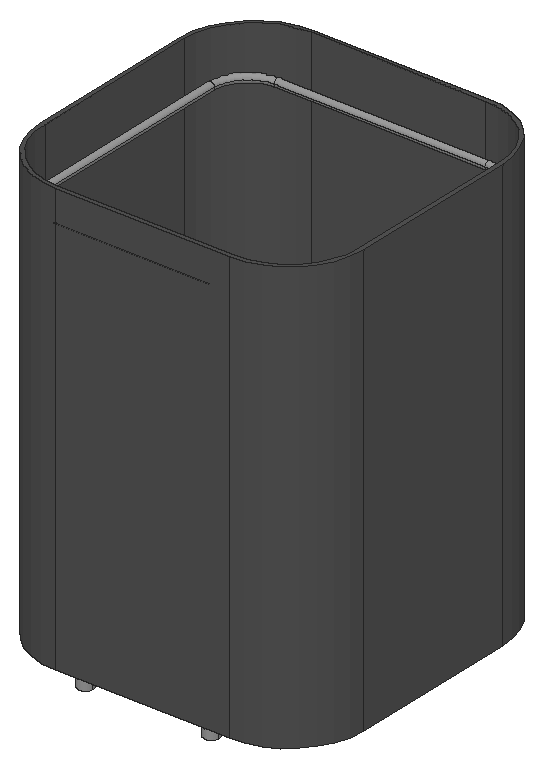
Revit family "REVIT-MG-1057-Drop-", category Furniture, Revit 2016
Family settings
  OmniClass Number = 23.40.20.00
  OmniClass Title = General Furniture and Specialties
  Work Plane-Based = No
  Always vertical = Yes
  Cut with Voids When Loaded = No
  Shared = No
  Room Calculation Point = No
Parameters (values of type "MG-1057")
  URL = "www.magnusongroup.com"
  Type Comments = "Stand Alone"  # constant formula
  Salvage or Reuse = yes
  Percentage of Recycled Content = 0
  Model = "MG-1057"
  Manufacturer = "Magnuson Group"  # constant formula
  Low Emitting Material = yes
  Low Emitting Finish = yes
  Revit File Built By = "https://servex-us.com/servex-revit/"
  Description = "Drop Waste Receptacles"
Reference planes (in)
  plane 1 "Center Front/Back": y = 0
  plane 2: z = 0
  plane 3 "Center Left/Right": x = 0
Dimensions and locks (in)
  aligned and locked: level to plane 2
Nested families (in)
  nested 1: "Magnuson-Drop-Waste_Bin" at (6.88976, -4.33071, 0), type "Drop Mini"
Definition of nested family "Magnuson-Drop-Waste_Bin"
  Parameters (values of type "Drop Mini")
    Width = 8.66142"
    URL = "www.magnusongroup.com"
    Type Comments = "Drop Waste Receptacles"  # constant formula
    Salvage or Reuse = yes
    Percentage of Recycled Content = 0
    Painted Steel = none
    Model = "Drop Mini"
    Manufacturer = "Magnuson Group"  # constant formula
    Low Emitting Material = yes
    Low Emitting Finish = yes
    Keynote = "12500"
    Height = 11.81102"
    Description = "Metal waste bin with stainless steel bag ring. Capacity 9.51 gallons"
    Depth = 8.66142"
    Cost = 0
    Assembly Code = "E2020200"
  Types (3): name | Width | Model | Height | Description | Depth
    Drop-10 | 13.77953" | "Drop-10" | 14.68504" | "Metal waste bin with stainless steel bag ring. Capacity 7.66 gallons" | 8.66142"
    Drop-20 | 16.53543" | "Drop-20" | 18.89764" | "Metal waste bin with stainless steel bag ring. Capacity 9.51 gallons" | 7.08661"
    Drop Mini | 8.66142" | "Drop Mini" | 11.81102" | "Metal waste bin with stainless steel bag ring. Capacity 9.51 gallons" | 8.66142"
  Reference planes (in)
    plane 1 "Center (Front/Back)": y = 0
    plane 2: z = 0
    plane 3 "Center (Left/Right)": x = 0
    plane 4: y = 4.33071
    plane 5: y = -4.33071
    plane 6: x = -4.33071
    plane 7: x = 4.33071
    plane 8: z = 11.81102
    plane 9: z = 0.25
    plane 10: z = 10.65002
    plane 11: z = 0.35
    plane 12: y = 4.13071
    plane 13: y = -4.13071
    plane 14: x = 1.68671
    plane 15: x = -1.68671
    plane 16: x = -4.23071
    plane 17: x = 4.23071
    plane 18: y = 4.23071
    plane 19: y = -4.23071
    plane 20: y = 3.72271
    plane 21: y = -3.72271
    plane 22: x = -3.82471
    plane 23: x = 3.82471
    plane 24: x = 3.92471
    plane 25: x = 3.72471
    plane 26: x = -3.72471
    plane 27: x = -3.92471
    plane 28: y = 3.62271
    plane 29: y = 3.82271
    plane 30: y = -3.62271
    plane 31: y = -3.82271
  Forms (in)
    Extrusion 1, solid, material <- "Painted Steel"
      sketch origin (0, 0, 0) x (1, 0, 0) y (0, 1, 0)
        loop
          arc (-2.33071, 4.33071) -> (-3.74492, 3.74492) -> (-4.33071, 2.33071) r 2
          line (-4.33071, 2.33071) -> (-4.33071, -2.33071)
          arc (-4.33071, -2.33071) -> (-3.74492, -3.74492) -> (-2.33071, -4.33071) r 2
          line (-2.33071, -4.33071) -> (2.33071, -4.33071)
          arc (2.33071, -4.33071) -> (3.74492, -3.74492) -> (4.33071, -2.33071) r 2
          line (4.33071, -2.33071) -> (4.33071, 2.33071)
          arc (4.33071, 2.33071) -> (3.74492, 3.74492) -> (2.33071, 4.33071) r 2
          line (2.33071, 4.33071) -> (-2.33071, 4.33071)
        loop
          arc (-2.33071, 4.23071) -> (-3.67421, 3.67421) -> (-4.23071, 2.33071) r 1.9
          line (-4.23071, 2.33071) -> (-4.23071, -2.33071)
          arc (-4.23071, -2.33071) -> (-3.67421, -3.67421) -> (-2.33071, -4.23071) r 1.9
          line (-2.33071, -4.23071) -> (2.33071, -4.23071)
          arc (2.33071, -4.23071) -> (3.67421, -3.67421) -> (4.23071, -2.33071) r 1.9
          line (4.23071, -2.33071) -> (4.23071, 2.33071)
          arc (4.23071, 2.33071) -> (3.67421, 3.67421) -> (2.33071, 4.23071) r 1.9
          line (2.33071, 4.23071) -> (-2.33071, 4.23071)
      from 0.25 to 11.81102
    Extrusion 2, solid
      sketch origin (0, 0, 0) x (1, 0, 0) y (0, 1, 0)
        loop
          line (-4.23071, 2.33071) -> (-4.23071, -2.33071)
          arc (-4.23071, -2.33071) -> (-3.67421, -3.67421) -> (-2.33071, -4.23071) r 1.9
          line (-2.33071, -4.23071) -> (2.33071, -4.23071)
          arc (2.33071, -4.23071) -> (3.67421, -3.67421) -> (4.23071, -2.33071) r 1.9
          line (4.23071, -2.33071) -> (4.23071, 2.33071)
          arc (4.23071, 2.33071) -> (3.67421, 3.67421) -> (2.33071, 4.23071) r 1.9
          line (2.33071, 4.23071) -> (-2.33071, 4.23071)
          arc (-2.33071, 4.23071) -> (-3.67421, 3.67421) -> (-4.23071, 2.33071) r 1.9
      from 0.25 to 0.35
    Extrusion 3, solid
      sketch origin (0, 0, 0) x (1, 0, 0) y (0, 1, 0)
        loop
          circle (1.68671, 4.13071) r 0.2
        loop
          circle (1.68671, -4.13071) r 0.2
        loop
          circle (-1.68671, 4.13071) r 0.2
        loop
          circle (-1.68671, -4.13071) r 0.2
      from 0 to 0.25
    Sweep 4, solid
      path origin (-9.72896, -60, 10.65002) x (-1, 0, 0) y (0, -1, 0)
        loop
          line (-5.90425, -62.72271) -> (-5.90425, -57.27729)
          arc (-5.90425, -57.27729) -> (-6.19714, -56.57018) -> (-6.90425, -56.27729) r 1
          line (-6.90425, -56.27729) -> (-12.55367, -56.27729)
          arc (-12.55367, -56.27729) -> (-13.26077, -56.57018) -> (-13.55367, -57.27729) r 1
          line (-13.55367, -57.27729) -> (-13.55367, -62.72271)
          arc (-13.55367, -62.72271) -> (-13.26077, -63.42982) -> (-12.55367, -63.72271) r 1
          line (-12.55367, -63.72271) -> (-6.90425, -63.72271)
          arc (-6.90425, -63.72271) -> (-6.19714, -63.42982) -> (-5.90425, -62.72271) r 1
      profile origin (-3.53182, 3.42982, 10.65002) x (-0.707107, 0.707107, 0) y (0, 0, 1)
        loop
          circle (0, 0) r 0.1
  Lines and regions (in)
    symbolic lines
      curve 1: line (-2.82471, 3.72271, 0) -> (2.82471, 3.72271, 0)
      curve 2: line (-3.82471, -2.72271, 0) -> (-3.82471, 2.72271, 0)
      curve 3: line (2.82471, -3.72271, 0) -> (-2.82471, -3.72271, 0)
      curve 4: line (3.82471, 2.72271, 0) -> (3.82471, -2.72271, 0)
      curve 5: arc (-3.82471, 2.72271, 0) -> (-3.53182, 3.42982, 0) -> (-2.82471, 3.72271, 0) r 1
      curve 6: arc (3.82471, 2.72271, 0) -> (3.53182, 3.42982, 0) -> (2.82471, 3.72271, 0) r 1
      curve 7: arc (-3.82471, -2.72271, 0) -> (-3.53182, -3.42982, 0) -> (-2.82471, -3.72271, 0) r 1
      curve 8: arc (3.82471, -2.72271, 0) -> (3.53182, -3.42982, 0) -> (2.82471, -3.72271, 0) r 1
      curve 9: line (2.33071, 4.33071, 10.65002) -> (-2.33071, 4.33071, 10.65002)
      curve 10: arc (-2.33071, 4.33071, 10.65002) -> (-3.74492, 3.74492, 10.65002) -> (-4.33071, 2.33071, 10.65002) r 2
      curve 11: line (-4.33071, 2.33071, 10.65002) -> (-4.33071, -2.33071, 10.65002)
      curve 12: arc (-4.33071, -2.33071, 10.65002) -> (-3.74492, -3.74492, 10.65002) -> (-2.33071, -4.33071, 10.65002) r 2
      curve 13: line (-2.33071, -4.33071, 10.65002) -> (2.33071, -4.33071, 10.65002)
      curve 14: arc (2.33071, -4.33071, 10.65002) -> (3.74492, -3.74492, 10.65002) -> (4.33071, -2.33071, 10.65002) r 2
      curve 15: line (4.33071, -2.33071, 10.65002) -> (4.33071, 2.33071, 10.65002)
      curve 16: arc (4.33071, 2.33071, 10.65002) -> (3.74492, 3.74492, 10.65002) -> (2.33071, 4.33071, 10.65002) r 2
      curve 17: arc (-4.23071, 2.33071, 10.65002) -> (-3.67421, 3.67421, 10.65002) -> (-2.33071, 4.23071, 10.65002) r 1.9
      curve 18: line (-2.33071, 4.23071, 10.65002) -> (2.33071, 4.23071, 10.65002)
      curve 19: arc (2.33071, 4.23071, 10.65002) -> (3.67421, 3.67421, 10.65002) -> (4.23071, 2.33071, 10.65002) r 1.9
      curve 20: line (4.23071, 2.33071, 10.65002) -> (4.23071, -2.33071, 10.65002)
      curve 21: arc (4.23071, -2.33071, 10.65002) -> (3.67421, -3.67421, 10.65002) -> (2.33071, -4.23071, 10.65002) r 1.9
      curve 22: line (2.33071, -4.23071, 10.65002) -> (-2.33071, -4.23071, 10.65002)
      curve 23: arc (-2.33071, -4.23071, 10.65002) -> (-3.67421, -3.67421, 10.65002) -> (-4.23071, -2.33071, 10.65002) r 1.9
      curve 24: line (-4.23071, -2.33071, 10.65002) -> (-4.23071, 2.33071, 10.65002)
      curve 25: line (-2.82471, -3.62271, 10.65002) -> (2.82471, -3.62271, 10.65002)
      curve 26: line (2.82471, -3.82271, 10.65002) -> (-2.82471, -3.82271, 10.65002)
      curve 27: line (-3.92471, -2.72271, 10.65002) -> (-3.92471, 2.72271, 10.65002)
      curve 28: line (-3.72471, 2.72271, 10.65002) -> (-3.72471, -2.72271, 10.65002)
      curve 29: line (2.82471, 3.62271, 10.65002) -> (-2.82471, 3.62271, 10.65002)
      curve 30: line (-2.82471, 3.82271, 10.65002) -> (2.82471, 3.82271, 10.65002)
      curve 31: line (3.72471, -2.72271, 10.65002) -> (3.72471, 2.72271, 10.65002)
      curve 32: line (3.92471, 2.72271, 10.65002) -> (3.92471, -2.72271, 10.65002)
      curve 33: arc (-3.92471, 2.72271, 10.65002) -> (-3.60253, 3.50053, 10.65002) -> (-2.82471, 3.82271, 10.65002) r 1.1
      curve 34: arc (-2.82471, 3.62271, 10.65002) -> (-3.4611, 3.3591, 10.65002) -> (-3.72471, 2.72271, 10.65002) r 0.9
      curve 35: arc (3.92471, 2.72271, 10.65002) -> (3.60253, 3.50053, 10.65002) -> (2.82471, 3.82271, 10.65002) r 1.1
      curve 36: arc (2.82471, 3.62271, 10.65002) -> (3.4611, 3.3591, 10.65002) -> (3.72471, 2.72271, 10.65002) r 0.9
      curve 37: arc (-3.92471, -2.72271, 10.65002) -> (-3.60253, -3.50053, 10.65002) -> (-2.82471, -3.82271, 10.65002) r 1.1
      curve 38: arc (-2.82471, -3.62271, 10.65002) -> (-3.4611, -3.3591, 10.65002) -> (-3.72471, -2.72271, 10.65002) r 0.9
      curve 39: arc (3.92471, -2.72271, 10.65002) -> (3.60253, -3.50053, 10.65002) -> (2.82471, -3.82271, 10.65002) r 1.1
      curve 40: arc (2.82471, -3.62271, 10.65002) -> (3.4611, -3.3591, 10.65002) -> (3.72471, -2.72271, 10.65002) r 0.9
  Dimensions and locks (in)
    equal spacing: plane 5, plane 1 "Center (Front/Back)", plane 4
    "Depth": plane 4 to plane 5
    equal spacing: plane 6, plane 3 "Center (Left/Right)", plane 7
    "Width": plane 6 to plane 7
    "Height": plane 8 to plane 2
    plane 11 to plane 9 to plane 2 = 0.1" locked, 1/4" locked
    locked: plane 8 to plane 10 at 1.161
    locked: plane 4 to plane 12 at 0.2
    locked: plane 5 to plane 13 at 0.2
    locked: plane 14 to plane 7 at 2.644
    locked: plane 6 to plane 15 at 2.644
    locked: plane 6 to plane 16 at 0.1
    locked: plane 17 to plane 7 at 0.1
    locked: plane 4 to plane 18 at 0.1
    locked: plane 5 to plane 19 at 0.1
    locked: plane 4 to plane 20 at 0.608
    locked: plane 5 to plane 21 at 0.608
    locked: plane 6 to plane 22 at 0.506
    locked: plane 23 to plane 7 at 0.506
    plane 31 to plane 21 to plane 30 = 0.1" locked, 0.1" locked
    plane 28 to plane 20 to plane 29 = 0.1" locked, 0.1" locked
    plane 25 to plane 23 to plane 24 = 0.1" locked, 0.1" locked
    plane 27 to plane 22 to plane 26 = 0.1" locked, 0.1" locked
    aligned and locked: level to plane 2
    aligned and locked: Extrusion 1 sketch curve to plane 4
    aligned and locked: plane 6 to Extrusion 1 sketch curve
    aligned and locked: Extrusion 1 sketch curve to plane 5
    aligned and locked: plane 7 to Extrusion 1 sketch curve
    aligned and locked: Extrusion 1 sketch curve to plane 18
    aligned and locked: plane 16 to Extrusion 1 sketch curve
    aligned and locked: Extrusion 1 sketch curve to plane 19
    aligned and locked: plane 17 to Extrusion 1 sketch curve
    aligned and locked: Extrusion 1 to plane 9
    aligned and locked: Extrusion 2 sketch curve to Extrusion 1  (x4)
    aligned and locked: Extrusion 2 to plane 9
    aligned and locked: plane 11 to Extrusion 2
    aligned and locked: plane 8 to Extrusion 1
    aligned and locked: plane 14 to Extrusion 3 sketch curve
    aligned and locked: plane 12 to Extrusion 3 sketch curve  (x2)
    aligned and locked: Extrusion 3 sketch curve to plane 14
    aligned and locked: Extrusion 3 sketch curve to plane 13  (x2)
    aligned and locked: plane 15 to Extrusion 3 sketch curve  (x2)
    aligned and locked: Extrusion 3 to level
    aligned and locked: plane 9 to Extrusion 3
    aligned and locked: curve 1 to plane 20
    aligned and locked: plane 22 to curve 2
    aligned and locked: curve 3 to plane 21
    aligned and locked: plane 23 to curve 4
    aligned and locked: Sweep 4 sketch curve to curve 5
    aligned and locked: Sweep 4 sketch curve to curve 6
    aligned and locked: Sweep 4 sketch curve to curve 7
    aligned and locked: Sweep 4 sketch curve to curve 8
    aligned and locked: plane 30 to curve 25
    aligned and locked: curve 26 to plane 31
    aligned and locked: curve 29 to plane 28
    aligned and locked: plane 29 to curve 30
    aligned and locked: plane 26 to curve 28
    aligned and locked: curve 27 to plane 27
    aligned and locked: curve 31 to plane 25
    aligned and locked: plane 24 to curve 32
  Automatic sketch dimensions
    Extrusion 1 sketch curve to Extrusion 1 sketch curve = 0"  (x4)
    plane 15 to Extrusion 1 sketch curve = 0.644"  (x2)
    plane 14 to Extrusion 1 sketch curve = 0.644"  (x2)
    curve 7 to plane 21 = 1"
    curve 5 to plane 20 = 1"
    curve 6 to plane 20 = 1"
    curve 4 to plane 21 = 1"
    plane 10 to Sweep 4 sketch curve = 0"
    Sweep 4 sketch curve to profile plane = 0"
    curve 10 to curve 17 = 0"  (x2)
    curve 12 to curve 23 = 0"  (x2)
    curve 14 to curve 21 = 0"  (x2)
    curve 16 to curve 19 = 0"
    curve 33 to curve 34 = 0"
    curve 35 to curve 36 = 0"
    curve 37 to curve 38 = 0"
    curve 39 to curve 40 = 0"
    curve 15 to plane 7 = 0"
    curve 21 to plane 17 = 0"
    curve 19 to plane 18 = 0"
    plane 19 to curve 21 = 0"
    curve 24 to plane 16 = 0"
    curve 40 to curve 39 = 0.9"
    plane 25 to curve 30 = 0.9"
    curve 35 to curve 19 = 0.494"
    curve 40 to curve 21 = 0.494"
    plane 15 to curve 22 = 0.644"
    plane 15 to curve 9 = 0.644"
    curve 17 to curve 30 = 0.494"
    curve 12 to curve 37 = 0.494"
    radius of Extrusion 3 sketch curve = 0.2"  (x4)
    radius of Sweep 4 sketch curve = 0.1"
